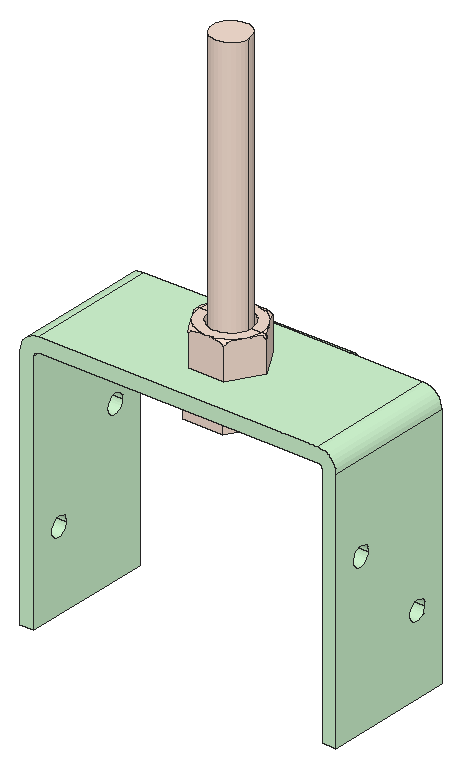
Revit family "キャッチャーボルト65幅", category 機械設備, Revit 2022
Family settings
  丸型コネクタ寸法 = 直径を使用
  種別 = なし
  パーツ タイプ = 標準
  作業面ベース = いいえ
  常に垂直 = はい
  ロード時にボイドで切り取り = いいえ
  注釈の向きを維持 = いいえ
  共有 = いいえ
  部屋計算ポイント = いいえ
Parameters
  製造元 = "株式会社桐井製作所"
  既定の高さ = 0 mm
  URL = "https://www.kirii.co.jp/"
  K_品名 = "キャッチャーボルト65幅"
  K_名称 = "斜め部材(ブレース)上部取付金具"
  K_バージョン情報 = "20250901"
Reference planes
  plane 1 "中心(正面/背面)": y = 0
  plane 2: z = 0
  plane 3 "中心(左/右)": x = 0
Forms (mm)
  Extrusion 1, void
    sketch origin (0, 0, 0) x (1, 0, 0) y (0, 0, 1)
      loop
        circle (8, 50.787) r 2.25
      loop
        circle (-8, 50.743) r 2.25
    from 0 to -3.2
  Extrusion 2, solid
    sketch origin (0, 0, -5) x (0, 1, 0) y (0, 0, 1)
      loop
        line (0, 65) -> (0, 42.763) -> (3.2, 42.763) -> (3.2, 60.921)
        arc (3.2, 60.921) -> (2.305, 63.513) -> (0, 65) r 4.2
    from 15 to -15
  Extrusion 3, solid
    sketch origin (4.144, 0, -25.761) x (1, 0, 0) y (0, 0, 1)
      loop
        line (27.606, 85.761) -> (-35.894, 85.761)
        arc (-35.894, 85.761) -> (-38.864, 84.531) -> (-40.094, 81.561) r 4.2
        line (-40.094, 81.561) -> (-40.094, 25.761) -> (-36.836, 25.761) -> (-36.836, 81.561)
        arc (-36.836, 81.561) -> (-36.543, 82.268) -> (-35.836, 82.561) r 1
        line (-35.836, 82.561) -> (-14.521, 82.561) -> (15.479, 82.561) -> (27.667, 82.561)
        arc (27.667, 82.561) -> (28.374, 82.268) -> (28.667, 81.561) r 1
        line (28.667, 81.561) -> (28.667, 25.761) -> (31.806, 25.761) -> (31.806, 81.561)
        arc (31.806, 81.561) -> (30.576, 84.531) -> (27.606, 85.761) r 4.2
    from 0 to 30
  Extrusion 4, void
    sketch origin (0, -5, 52.1) x (1, 0, 0) y (0, 1, 0)
      loop
        circle (0, -10) r 5
    from 4.7 to 7.9
  Extrusion 5, void
    sketch origin (0, -30, 0) x (0, -1, 0) y (0, 0, -1)
      loop
        circle (-7, -36) r 2.25
      loop
        circle (-23, -18) r 2.25
    from 35.95 to 32.811
  Extrusion 6, void
    sketch origin (-68.761, 0, 0) x (0, 1, 0) y (0, 0, 1)
      loop
        circle (-7, 36) r 2.25
      loop
        circle (-23, 18) r 2.25
    from 35.95 to 32.811
Cuts and joins
  Extrusion 1, Extrusion 5, Extrusion 6 cuts Extrusion 2
  Extrusion 4, Extrusion 5, Extrusion 6 cuts Extrusion 3
  joined: Extrusion 2, Extrusion 3
Dimensions and locks
  aligned and locked: level to plane 2
Nested families
  nested 1: "ナット" at (0, -15, 60) x (-1, 0, 0) z (0, 0, 1), type "ナット"
  nested 2: "M10×70ボルト" at (0, -15, 49.8) x (1, 0, 0) z (0, 1, 0), type "M10×70ボルト"
Definition of nested family "ナット"
  Parameters (values of type "ナット")
    Default Elevation = 1219.2 mm
  Reference planes
    plane 1 "中心(正面/背面)": y = 0
    plane 2: z = 0
    plane 3 "中心(左/右)": x = 0
  Forms (mm)
    Extrusion 1, solid
      sketch origin (0, 0, 0) x (1, 0, 0) y (0, 1, 0)
        loop
          line (-55, 45) -> (-55, -45.273) -> (55.986, -45.273) -> (55.986, 45) -> (-55, 45)
      from 0 to -304.8
    Revolve 2, solid
      sketch origin (0, 0, 2.36) x (1, 0, 0) y (0, 0, 1)
        loop
          arc (8.083, 4.64) -> (7.781, 5.356) -> (7.057, 5.64) r 1
          line (7.057, 5.64) -> (4.765, 5.64) -> (4.765, -2.36) -> (8.083, -2.36) -> (8.083, 4.64)
        axis (0, 5.64) -> (0, -2.36)
      angle from 0 to 360
    Extrusion 3, void
      sketch origin (0, 0, 0) x (1, 0, 0) y (0, 1, 0)
        loop
          line (8.083, 0) -> (4.041, 7) -> (-4.041, 7) -> (-8.083, 0) -> (-4.041, -7) -> (4.041, -7) -> (8.083, 0)
        loop
          circle (0, 0) r 8.42
      from 0 to 8.277
  Cuts and joins
    Extrusion 3 cuts Revolve 2
  Dimensions and locks
    aligned and locked: plane 2 to Extrusion 1
    aligned and locked: level to Extrusion 1
Definition of nested family "M10×70ボルト"
  Parameters (values of type "M10×70ボルト")
    Manufacturer = "株式会社桐井製作所"
    Default Elevation = 0 mm
    URL = "https://www.kirii.co.jp/"
    K_材料規格 = "M10×L60"
    K_品名 = "M10×60ボルト"
    K_名称 = "M10×60ボルト"
    K_備考 = "KIRIIアングルクランプ付属品"
  Reference planes
    plane 1 "中心(正面/背面)": y = 0
    plane 2: z = 0
    plane 3 "中心(左/右)": x = 0
    plane 4: x = 8
    plane 5: x = -8
    plane 6 "正面": y = -7
    plane 7: z = 8
    plane 8: z = -8
  Forms (mm)
    Extrusion 1, solid
      sketch origin (0, 0, 0) x (1, 0, 0) y (0, 0, 1)
        loop
          line (-4.619, 8) -> (-9.238, 0) -> (-4.619, -8) -> (4.619, -8) -> (9.238, 0) -> (4.619, 8) -> (-4.619, 8)
      from 0 to 7
    Extrusion 2, solid
      sketch origin (0, 0, 25.676) x (1, 0, 0) y (0, 0, 1)
        loop
          circle (0, -25.676) r 4.1
      from 7 to 77
  Cuts and joins
    joined: Extrusion 1, Extrusion 2
  Lines and regions (mm)
    model lines
      curve 1: circle (0, 0, 0) r 8 normal (0, -1, 0)
  Dimensions and locks
    aligned and locked: level to plane 2
